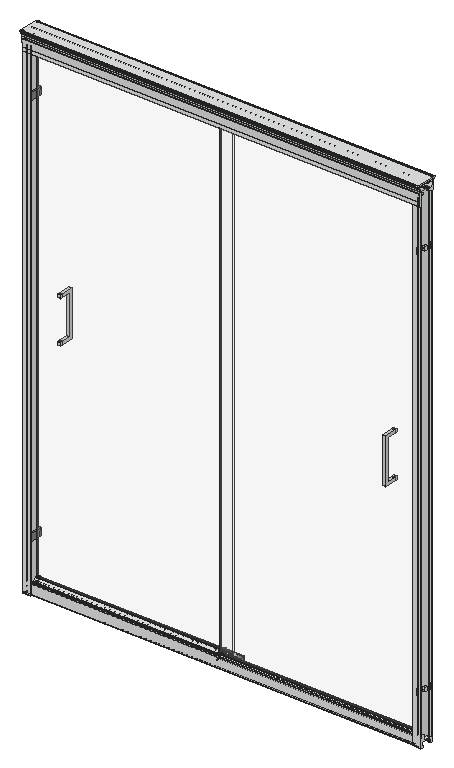
Revit family "Shower-Shower_Door-KOHLER-Fluence-K-702218", category Specialty Equipment, host Face, Revit 2021 (continued)
Definition of nested family "K-702218"
  Lines and regions (in)
    Masking region 1
      outline origin (25.14417, 2.44719, 48) x (0, 1, 0) y (0, 0, 1)
        loop
          arc (-0.25825, 26.35629) -> (-0.25253, 26.34003) -> (-0.23788, 26.33093) r 0.02597
          arc (-0.23788, 26.33093) -> (-0.17693, 26.3094) -> (-0.11258, 26.30322) r 0.26583
          arc (-0.11258, 26.30322) -> (-0.0436, 26.31566) -> (0.02271, 26.33837) r 0.46285
          line (0.02271, 26.33837) -> (0.02271, 26.38055)
          arc (0.02271, 26.38055) -> (0.02892, 26.39554) -> (0.04391, 26.40175) r 0.02119
          line (0.04391, 26.40175) -> (0.19004, 26.40175)
          arc (0.19004, 26.40175) -> (0.20503, 26.40746) -> (0.21241, 26.42169) r 0.02252
          arc (0.21241, 26.42169) -> (0.26778, 26.79179) -> (0.34801, 27.1573) r 5.54
          arc (0.34801, 27.1573) -> (0.43058, 27.38382) -> (0.5564, 27.5895) r 1.211
        loop
          arc (-1.39637, -47.07406) -> (-1.40172, -47.08811) -> (-1.41555, -47.094) r 0.01919
          line (-1.41555, -47.094) -> (-1.4718, -47.094)
          arc (-1.4718, -47.094) -> (-1.48579, -47.0998) -> (-1.49159, -47.1138) r 0.0198
          line (-1.49159, -47.1138) -> (-1.49159, -47.23049) -> (-1.44467, -47.23049)
          arc (-1.44467, -47.23049) -> (-1.46122, -47.2238) -> (-1.46771, -47.20717) r 0.02254
          line (-1.46771, -47.20717) -> (-1.46431, -47.1098) -> (-1.432, -47.1098)
          arc (-1.432, -47.1098) -> (-1.41711, -47.11328) -> (-1.40529, -47.12299) r 0.03363
          arc (-1.40529, -47.12299) -> (-1.38613, -47.14138) -> (-1.36233, -47.15317) r 0.08743
          line (-1.36233, -47.15317) -> (-1.37943, -46.66399) -> (-1.41242, -46.66399) -> (-1.39637, -47.07406)
        loop
          line (-1.52671, -46.36082) -> (-1.6673, -46.34834) -> (-1.68477, -46.37612) -> (-1.52849, -46.39274) -> (-1.52671, -46.36082)
        loop
          line (0.09641, -47.435) -> (0.11641, -47.46964) -> (0.11641, -47.40036) -> (0.09641, -47.435)
        loop
          line (0.16641, -7.37779) -> (0.16641, -13.31479) -> (1.01312, -13.31479) -> (1.01312, -7.37779) -> (0.16641, -7.37779)
        loop
          line (-1.93055, -7.37779) -> (-2.7565, -7.37779) -> (-2.7565, -13.31479) -> (-1.93055, -13.31479) -> (-1.93055, -7.37779)
    Masking region 2
      outline origin (0, 0, 0) x (1, 0, 0) y (0, 0, 1)
        loop
          line (-30.532, -0.00009) -> (24.0743, -0.00009) -> (24.0743, 75.71754) -> (-30.532, 75.71754) -> (-30.532, -0.00009)
    Masking region 3
      outline origin (0, 0, 0) x (1, 0, 0) y (0, 1, 0)
        loop
          line (-30.532, 0) -> (19.36513, 0) -> (19.36513, -0.74731) -> (19.80313, -0.74731) -> (19.80313, 0) -> (24.0743, 0) -> (24.0743, 3.134) -> (-25.84365, 3.134) -> (-25.84365, 3.89831) -> (-26.28165, 3.89831) -> (-26.28165, 3.134) -> (-30.532, 3.134) -> (-30.532, 0)
    symbolic lines, detail levels medium+fine
      curve 1: line (20.1048, 0.56672, 0) -> (20.1048, 0.56672, 74.25)
      curve 2: line (20.1048, 0.5327, 74.25) -> (20.1048, 0.5327, 0)
      curve 3: line (20.1048, 0.5247, 74.25) -> (20.1048, 0.5247, 0)
      curve 4: line (20.1048, 0.57472, 74.25) -> (20.1048, 0.57472, 0)
      curve 5: line (20.1048, 2.48253, 0.71783) -> (20.1048, 1.00253, 0.76951)
      curve 6: line (20.1048, 2.4825, 0.7488) -> (20.1048, 1.14254, 0.79507)
      curve 7: arc (20.1048, 2.56175, 0.64896) -> (20.1048, 2.54518, 0.71718) -> (20.1048, 2.4825, 0.7488) r 0.08372
      curve 8: arc (20.1048, 2.56302, 0.63448) -> (20.1048, 2.53961, 0.69242) -> (20.1048, 2.48253, 0.71783) r 0.0834
      curve 9: line (20.1048, 0.982, 0.86506) -> (20.1048, 1.00716, 0.86506)
      curve 10: arc (20.1048, 1.00716, 0.86506) -> (20.1048, 1.0217, 0.86307) -> (20.1048, 1.03517, 0.85725) r 0.0541
      curve 11: line (20.1048, 1.06777, 1.33601) -> (20.1048, 1.05948, 1.57316)
      curve 12: line (20.1048, 1.03477, 1.33601) -> (20.1048, 1.02666, 1.5433)
      curve 13: line (20.1048, 0.97216, 1.60158) -> (20.1048, 0.9187, 1.60726)
      curve 14: arc (20.1048, 1.02666, 1.5433) -> (20.1048, 1.01026, 1.58259) -> (20.1048, 0.97216, 1.60158) r 0.061
      curve 15: arc (20.1048, 1.14254, 0.79507) -> (20.1048, 1.1043, 0.81047) -> (20.1048, 1.08486, 0.84683) r 0.06038
      curve 16: arc (20.1048, 1.03517, 0.85725) -> (20.1048, 1.05913, 0.84781) -> (20.1048, 1.08486, 0.84683) r 0.07667
      curve 17: line (20.1048, 1.00394, 1.63176) -> (20.1048, 0.92048, 1.63918)
      curve 18: line (20.1048, 0.77989, 1.65166) -> (20.1048, 0.72429, 1.65696)
      curve 19: line (20.1048, 0.76243, 1.62388) -> (20.1048, 0.70715, 1.62969)
      curve 20: arc (20.1048, 1.05948, 1.57316) -> (20.1048, 1.0428, 1.61297) -> (20.1048, 1.00394, 1.63176) r 0.06097
      curve 21: line (20.1048, 0.97031, 1.63475) -> (20.1048, 0.9686, 1.60195)
      curve 22: line (20.1048, 0.97641, 1.63421) -> (20.1048, 0.97641, 1.60097)
      curve 23: line (20.1048, 0.97641, 1.42237) -> (20.1048, 0.97641, 1.54893)
      curve 24: arc (20.1048, 0.98666, 1.41455) -> (20.1048, 0.9796, 1.41593) -> (20.1048, 0.97641, 1.42237) r 0.00811
      curve 25: arc (20.1048, 1.03247, 1.39494) -> (20.1048, 1.04897, 1.39026) -> (20.1048, 1.06596, 1.38782) r 0.12854
      curve 26: line (20.1048, 0.73576, 1.58146) -> (20.1048, 0.69494, 1.5858)
      curve 27: line (20.1048, 0.6746, 1.56751) -> (20.1048, 0.6746, 1.48414)
      curve 28: line (20.1048, 0.6296, 1.50495) -> (20.1048, 0.6296, 1.41568)
      curve 29: arc (20.1048, 0.69494, 1.5858) -> (20.1048, 0.68069, 1.58119) -> (20.1048, 0.6746, 1.56751) r 0.01839
      curve 30: arc (20.1048, 0.59121, 1.44543) -> (20.1048, 0.58974, 1.43659) -> (20.1048, 0.59121, 1.42775) r 0.02721
      curve 31: line (20.1048, 0.95641, 1.38601) -> (20.1048, 0.96597, 1.55698)
      curve 32: line (20.1048, 0.98778, 1.38601) -> (20.1048, 0.95641, 1.38601)
      curve 33: line (20.1048, 0.98115, 1.55537) -> (20.1048, 0.98974, 1.33601)
      curve 34: line (20.1048, 0.91618, 1.56227) -> (20.1048, 0.98115, 1.55537)
      curve 35: arc (20.1048, 0.96597, 1.55698) -> (20.1048, 0.97868, 1.54559) -> (20.1048, 0.98219, 1.52888) r 0.02743
      curve 36: line (20.1048, 1.03282, 1.38601) -> (20.1048, 1.06602, 1.38601)
      curve 37: line (20.1048, 1.06145, 0.78904) -> (20.1048, 1.64435, 0.76868)
      curve 38: arc (20.1048, 1.00382, 0.8065) -> (20.1048, 1.0315, 0.79401) -> (20.1048, 1.06145, 0.78904) r 0.11746
      curve 39: line (20.1048, 1.00382, 0.8065) -> (20.1048, 1.00382, 0.86506)
      curve 40: line (20.1048, 2.6056, 74.25) -> (20.1048, 2.6056, 0)
      curve 41: line (20.1048, 2.5716, 74.25) -> (20.1048, 2.5716, 0)
      curve 42: line (20.1048, 2.5636, 0) -> (20.1048, 2.5636, 0.53036)
      curve 43: line (20.1048, 2.6136, 0.14503) -> (20.1048, 2.6136, 1.60672)
      curve 44: line (20.1048, 2.5636, 0.59964) -> (20.1048, 2.5636, 74.25)
      curve 45: line (20.1048, 2.5496, 74.25) -> (20.1048, 2.5496, 0.71107)
      curve 46: arc (20.1048, 2.5476, 0) -> (20.1048, 2.55891, 0.00469) -> (20.1048, 2.5636, 0.016) r 0.016
      curve 47: line (20.1048, 1.68539, 7.67378) -> (20.1048, 1.46281, 7.67378)
      curve 48: arc (20.1048, 1.46281, 7.67378) -> (20.1048, 1.41862, 7.65548) -> (20.1048, 1.40032, 7.61129) r 0.06249
      curve 49: line (20.1048, 1.40032, 7.61129) -> (20.1048, 1.40032, 7.38871)
      curve 50: arc (20.1048, 1.40032, 7.38871) -> (20.1048, 1.41862, 7.34452) -> (20.1048, 1.46281, 7.32622) r 0.06249
      curve 51: line (20.1048, 1.46281, 7.32622) -> (20.1048, 1.68539, 7.32622)
      curve 52: arc (20.1048, 1.68539, 7.32622) -> (20.1048, 1.72958, 7.34452) -> (20.1048, 1.74788, 7.38871) r 0.06249
      curve 53: line (20.1048, 1.74788, 7.38871) -> (20.1048, 1.74788, 7.61129)
      curve 54: arc (20.1048, 1.74788, 7.61129) -> (20.1048, 1.72958, 7.65548) -> (20.1048, 1.68539, 7.67378) r 0.06249
      curve 55: line (20.1048, 1.69285, 7.74375) -> (20.1048, 1.45535, 7.74375)
      curve 56: arc (20.1048, 1.45535, 7.74375) -> (20.1048, 1.36696, 7.70714) -> (20.1048, 1.33035, 7.61875) r 0.125
      curve 57: line (20.1048, 1.33035, 7.61875) -> (20.1048, 1.33035, 7.38125)
      curve 58: arc (20.1048, 1.33035, 7.38125) -> (20.1048, 1.36696, 7.29286) -> (20.1048, 1.45535, 7.25625) r 0.125
      curve 59: line (20.1048, 1.45535, 7.25625) -> (20.1048, 1.69285, 7.25625)
      curve 60: arc (20.1048, 1.69285, 7.25625) -> (20.1048, 1.78124, 7.29286) -> (20.1048, 1.81785, 7.38125) r 0.125
      curve 61: line (20.1048, 1.81785, 7.38125) -> (20.1048, 1.81785, 7.61875)
      curve 62: arc (20.1048, 1.81785, 7.61875) -> (20.1048, 1.78124, 7.70714) -> (20.1048, 1.69285, 7.74375) r 0.125
      curve 63: line (20.1048, 1.69285, 7.73588) -> (20.1048, 1.45535, 7.73588)
      curve 64: arc (20.1048, 1.45535, 7.73588) -> (20.1048, 1.37253, 7.70157) -> (20.1048, 1.33822, 7.61875) r 0.11713
      curve 65: line (20.1048, 1.33822, 7.61875) -> (20.1048, 1.33822, 7.38125)
      curve 66: arc (20.1048, 1.33822, 7.38125) -> (20.1048, 1.37253, 7.29843) -> (20.1048, 1.45535, 7.26412) r 0.11713
      curve 67: line (20.1048, 1.45535, 7.26412) -> (20.1048, 1.69285, 7.26412)
      curve 68: arc (20.1048, 1.69285, 7.26412) -> (20.1048, 1.77567, 7.29843) -> (20.1048, 1.80997, 7.38125) r 0.11713
      curve 69: line (20.1048, 1.80997, 7.38125) -> (20.1048, 1.80997, 7.61875)
      curve 70: arc (20.1048, 1.80997, 7.61875) -> (20.1048, 1.77567, 7.70157) -> (20.1048, 1.69285, 7.73588) r 0.11713
      curve 71: line (20.1048, 2.68115, 7.3125) -> (20.1048, 2.68115, 7.6875)
      curve 72: arc (20.1048, 2.67509, 7.2568) -> (20.1048, 2.67963, 7.28449) -> (20.1048, 2.68115, 7.3125) r 0.25877
      curve 73: arc (20.1048, 2.67509, 7.2568) -> (20.1048, 2.64285, 7.23237) -> (20.1048, 2.6136, 7.26031) r 0.03119
      curve 74: arc (20.1048, 2.68115, 7.6875) -> (20.1048, 2.67967, 7.71473) -> (20.1048, 2.67525, 7.74164) r 0.25128
      curve 75: arc (20.1048, 2.67525, 7.74164) -> (20.1048, 2.64591, 7.7668) -> (20.1048, 2.6136, 7.74558) r 0.03215
      curve 76: line (20.1048, 2.67043, 7.75282) -> (20.1048, 2.67043, 7.87253)
      curve 77: arc (20.1048, 2.67043, 7.87253) -> (20.1048, 2.66962, 7.89711) -> (20.1048, 2.66721, 7.92159) r 0.3763
      curve 78: arc (20.1048, 2.6136, 7.9674) -> (20.1048, 2.64369, 7.94834) -> (20.1048, 2.66721, 7.92159) r 0.12537
      curve 79: line (20.1048, 2.6136, 7.97377) -> (20.1048, 2.6136, 7.0272)
      curve 80: arc (20.1048, 2.66721, 7.92159) -> (20.1048, 2.63573, 7.93184) -> (20.1048, 2.6136, 7.90723) r 0.03036
      curve 81: arc (20.1048, 2.68115, 7.3125) -> (20.1048, 2.67967, 7.28527) -> (20.1048, 2.67525, 7.25836) r 0.25128
      curve 82: arc (20.1048, 2.67525, 7.25836) -> (20.1048, 2.64591, 7.2332) -> (20.1048, 2.6136, 7.25442) r 0.03215
      curve 83: line (20.1048, 2.67043, 7.24718) -> (20.1048, 2.67043, 7.12747)
      curve 84: arc (20.1048, 2.67043, 7.12747) -> (20.1048, 2.66962, 7.10289) -> (20.1048, 2.66721, 7.07841) r 0.3763
      curve 85: arc (20.1048, 2.6136, 7.0326) -> (20.1048, 2.64369, 7.05166) -> (20.1048, 2.66721, 7.07841) r 0.12537
      curve 86: arc (20.1048, 2.66721, 7.07841) -> (20.1048, 2.63573, 7.06816) -> (20.1048, 2.6136, 7.09277) r 0.03036
      curve 87: line (20.1048, 2.68115, 66.55006) -> (20.1048, 2.68115, 66.92506)
      curve 88: arc (20.1048, 2.67509, 66.49436) -> (20.1048, 2.67963, 66.52205) -> (20.1048, 2.68115, 66.55006) r 0.25877
      curve 89: arc (20.1048, 2.67509, 66.49436) -> (20.1048, 2.64285, 66.46993) -> (20.1048, 2.6136, 66.49787) r 0.03119
      curve 90: arc (20.1048, 2.68115, 66.92506) -> (20.1048, 2.67967, 66.95229) -> (20.1048, 2.67525, 66.9792) r 0.25128
      curve 91: arc (20.1048, 2.67525, 66.9792) -> (20.1048, 2.64591, 67.00436) -> (20.1048, 2.6136, 66.98314) r 0.03215
      curve 92: line (20.1048, 2.67043, 66.99038) -> (20.1048, 2.67043, 67.11009)
      curve 93: arc (20.1048, 2.67043, 67.11009) -> (20.1048, 2.66962, 67.13467) -> (20.1048, 2.66721, 67.15915) r 0.3763
      curve 94: arc (20.1048, 2.6136, 67.20496) -> (20.1048, 2.64369, 67.1859) -> (20.1048, 2.66721, 67.15915) r 0.12537
      curve 95: line (20.1048, 2.6136, 67.20893) -> (20.1048, 2.6136, 66.2642)
      curve 96: arc (20.1048, 2.66721, 67.15915) -> (20.1048, 2.63573, 67.1694) -> (20.1048, 2.6136, 67.14479) r 0.03036
      curve 97: arc (20.1048, 2.68115, 66.55006) -> (20.1048, 2.67967, 66.52283) -> (20.1048, 2.67525, 66.49592) r 0.25128
      curve 98: arc (20.1048, 2.67525, 66.49592) -> (20.1048, 2.64591, 66.47076) -> (20.1048, 2.6136, 66.49198) r 0.03215
      curve 99: line (20.1048, 2.67043, 66.48474) -> (20.1048, 2.67043, 66.36504)
      curve 100: arc (20.1048, 2.67043, 66.36504) -> (20.1048, 2.66962, 66.34045) -> (20.1048, 2.66721, 66.31597) r 0.3763
      curve 101: arc (20.1048, 2.6136, 66.27017) -> (20.1048, 2.64369, 66.28922) -> (20.1048, 2.66721, 66.31597) r 0.12537
      curve 102: arc (20.1048, 2.66721, 66.31597) -> (20.1048, 2.63573, 66.30572) -> (20.1048, 2.6136, 66.33033) r 0.03036
      curve 103: line (20.1048, 1.68539, 66.91091) -> (20.1048, 1.46281, 66.91091)
      curve 104: arc (20.1048, 1.46281, 66.91091) -> (20.1048, 1.41862, 66.89261) -> (20.1048, 1.40032, 66.84843) r 0.06249
      curve 105: line (20.1048, 1.40032, 66.84843) -> (20.1048, 1.40032, 66.62584)
      curve 106: arc (20.1048, 1.40032, 66.62584) -> (20.1048, 1.41862, 66.58166) -> (20.1048, 1.46281, 66.56336) r 0.06249
      curve 107: line (20.1048, 1.46281, 66.56336) -> (20.1048, 1.68539, 66.56336)
      curve 108: arc (20.1048, 1.68539, 66.56336) -> (20.1048, 1.72958, 66.58166) -> (20.1048, 1.74788, 66.62584) r 0.06249
      curve 109: line (20.1048, 1.74788, 66.62584) -> (20.1048, 1.74788, 66.84843)
      curve 110: arc (20.1048, 1.74788, 66.84843) -> (20.1048, 1.72958, 66.89261) -> (20.1048, 1.68539, 66.91091) r 0.06249
      curve 111: line (20.1048, 1.69285, 66.98088) -> (20.1048, 1.45535, 66.98088)
      curve 112: arc (20.1048, 1.45535, 66.98088) -> (20.1048, 1.36696, 66.94427) -> (20.1048, 1.33035, 66.85588) r 0.125
      curve 113: line (20.1048, 1.33035, 66.85588) -> (20.1048, 1.33035, 66.61838)
      curve 114: arc (20.1048, 1.33035, 66.61838) -> (20.1048, 1.36696, 66.53) -> (20.1048, 1.45535, 66.49338) r 0.125
      curve 115: line (20.1048, 1.45535, 66.49338) -> (20.1048, 1.69285, 66.49338)
      curve 116: arc (20.1048, 1.69285, 66.49338) -> (20.1048, 1.78124, 66.53) -> (20.1048, 1.81785, 66.61838) r 0.125
      curve 117: line (20.1048, 1.81785, 66.61838) -> (20.1048, 1.81785, 66.85588)
      curve 118: arc (20.1048, 1.81785, 66.85588) -> (20.1048, 1.78124, 66.94427) -> (20.1048, 1.69285, 66.98088) r 0.125
      curve 119: line (20.1048, 1.69285, 66.97301) -> (20.1048, 1.45535, 66.97301)
      curve 120: arc (20.1048, 1.45535, 66.97301) -> (20.1048, 1.37253, 66.93871) -> (20.1048, 1.33822, 66.85588) r 0.11713
      curve 121: line (20.1048, 1.33822, 66.85588) -> (20.1048, 1.33822, 66.61838)
      curve 122: arc (20.1048, 1.33822, 66.61838) -> (20.1048, 1.37253, 66.53556) -> (20.1048, 1.45535, 66.50126) r 0.11713
      curve 123: line (20.1048, 1.45535, 66.50126) -> (20.1048, 1.69285, 66.50126)
      curve 124: arc (20.1048, 1.69285, 66.50126) -> (20.1048, 1.77567, 66.53556) -> (20.1048, 1.80997, 66.61838) r 0.11713
      curve 125: line (20.1048, 1.80997, 66.61838) -> (20.1048, 1.80997, 66.85588)
      curve 126: arc (20.1048, 1.80997, 66.85588) -> (20.1048, 1.77567, 66.93871) -> (20.1048, 1.69285, 66.97301) r 0.11713
      curve 127: arc (20.1048, 2.65288, 1.52525) -> (20.1048, 2.64228, 1.55963) -> (20.1048, 2.6136, 1.58135) r 0.05862
      curve 128: arc (20.1048, 1.64435, 0.76868) -> (20.1048, 1.66747, 0.77017) -> (20.1048, 1.68984, 0.77617) r 0.11719
      curve 129: line (20.1048, 1.9853, 0.75678) -> (20.1048, 2.46298, 0.7401)
      curve 130: arc (20.1048, 1.94075, 0.76751) -> (20.1048, 1.96248, 0.75989) -> (20.1048, 1.9853, 0.75678) r 0.11452
      curve 131: arc (20.1048, 2.46298, 0.7401) -> (20.1048, 2.48363, 0.74103) -> (20.1048, 2.50386, 0.74526) r 0.12887
      curve 132: line (-26.06265, 2.6136, 40.62221) -> (-26.06265, 2.6136, 41.06021)
      curve 133: line (-26.06265, 0.51664, 41.06021) -> (-26.06265, 0.51664, 40.62221)
      curve 134: line (-26.06265, 2.6136, 34.24721) -> (-26.06265, 2.6136, 34.68521)
      curve 135: line (-26.06265, 0.51668, 34.24721) -> (-26.06265, 0.51664, 34.68521)
      curve 136: line (-26.06265, 2.6136, 72.72675) -> (-26.06265, 2.6136, 73.36675)
      curve 137: line (-26.06265, 0.51664, 73.36675) -> (-26.06265, 0.51664, 72.72675)
      curve 138: line (-26.06265, 1.15118, 74.83131) -> (-26.06265, 1.15118, 74.5295)
      curve 139: line (-26.06265, 1.1845, 74.83131) -> (-26.06265, 1.1845, 74.5295)
      curve 140: line (-26.06265, 1.07118, 74.82922) -> (-26.06265, 1.07118, 74.53159)
      curve 141: line (-26.06265, 0.93181, 74.86124) -> (-26.06265, 0.93181, 74.49889)
      curve 142: line (-26.06265, 2.20123, 74.86124) -> (-26.06265, 2.20138, 74.49957)
      curve 143: line (-26.06265, 2.06186, 74.82922) -> (-26.06265, 2.06186, 74.53159)
      curve 144: line (-26.06265, 1.98186, 74.83131) -> (-26.06265, 1.98186, 74.5295)
      curve 145: line (-26.06265, 1.94854, 74.83131) -> (-26.06265, 1.94854, 74.52881)
      curve 146: line (-26.28165, 3.134, 0) -> (-25.84365, 3.134, 0)
      curve 147: line (19.36513, 0, 0) -> (19.80313, 0, 0)
      curve 148: line (-30.532, 0, 72.72675) -> (24.0743, 0, 72.72675)
      curve 149: line (-29.32836, 0, 72.72675) -> (-29.32836, 0, 0)
      curve 150: line (-29.32836, 0, 1.85036) -> (22.84939, 0, 1.85036)
      curve 151: line (22.84939, 0, 0) -> (22.84939, 0, 72.72675)
      curve 152: line (-1.3392, 0, 1.85036) -> (-1.3392, 0, 72.72675)
      curve 153: line (-1.37574, 0, 1.85036) -> (-1.37574, 0, 72.72675)
      curve 154: line (22.84939, 0, 1.62938) -> (-29.32836, 0, 1.62938)
      curve 155: line (-1.439, 0, 1.33408) -> (-1.439, 0, 1.85036)
      curve 156: line (-1.439, 0, 1.33408) -> (22.84939, 0, 1.33408)
      curve 157: line (19.36513, 0, 41.06021) -> (19.80313, 0, 41.06021)
      curve 158: line (19.36513, 0, 34.24721) -> (19.36513, 0, 41.06021)
      curve 159: line (19.80313, 0, 34.24721) -> (19.36513, 0, 34.24721)
      curve 160: line (19.80313, 0, 41.06021) -> (19.80313, 0, 34.24721)
      curve 161: line (-26.28165, 0, 40.62221) -> (-25.84218, 0, 40.62221)
      curve 162: line (-25.84218, 0, 40.62221) -> (-25.84218, 0, 41.06021)
      curve 163: line (-25.84218, 0, 41.06021) -> (-26.28165, 0, 41.06021)
      curve 164: line (-26.28165, 0, 41.06021) -> (-26.28165, 0, 40.62221)
      curve 165: line (-25.84218, 0, 34.24721) -> (-25.84218, 0, 34.68521)
      curve 166: line (-25.84218, 0, 34.68521) -> (-26.28165, 0, 34.68521)
      curve 167: line (-26.28165, 0, 34.68521) -> (-26.28165, 0, 34.24721)
      curve 168: line (-26.28165, 0, 34.24721) -> (-25.84218, 0, 34.24721)
      curve 169: line (-26.06265, 2.06186, 74.25) -> (-26.06265, 1.98186, 74.25)
      curve 170: line (-26.06265, 1.15118, 74.25) -> (-26.06265, 1.07118, 74.25)
      curve 171: line (-26.06265, 2.07679, 74.86124) -> (-26.06265, 2.07679, 74.49957)
      curve 172: line (-26.06265, 1.05625, 74.86124) -> (-26.06265, 1.05625, 74.49957)
  Dimensions and locks (in)
    locked: plane 7 to plane 4 at 0.907
    locked: plane 5 to plane 3 "Center (Left/Right)" at 30.532
    "Width": plane 4 to plane 5
    plane 9 to plane 4 = 1.22491"
    locked: Extrusion 14 sketch curve to plane 4 at 0.99017
    locked: plane 10 to plane 4 at 0.4825
    locked: cut or joined group of Extrusion 2, Extrusion 10, Extrusion 11 to cut or joined group of Extrusion 21, Extrusion 22 at 1.22215
    locked: plane 12 to plane 4 at 4.49017
    locked: plane 15 to plane 4 at 3.99017
    Sweep 30 sketch curve to plane 12 to Sweep 30 sketch curve = 0.219" locked, 0.219" locked
    "Walk Thru": plane 17 "wt" to plane 9
    locked: plane 17 "wt" to plane 5 at 30.468
    locked: Extrusion 6 sketch curve to plane 7 at 0.09591
    locked: Extrusion 9 sketch curve to plane 3 "Center (Left/Right)" at 0.06438
    locked: plane 21 to Extrusion 6 sketch curve at 0.06326
    plane 23 to plane 24 = 71.09737"
    plane 25 to plane 16 to level = 6.813", 34.24721"
    aligned and locked: level to plane 2
    aligned and locked: plane 4 to Extrusion 4
    aligned and locked: plane 4 to Extrusion 1
    aligned and locked: plane 4 to Extrusion 10
    aligned and locked: plane 9 to Extrusion 2
    aligned and locked: plane 4 to Extrusion 2
    aligned and locked: Extrusion 11 to plane 5
    aligned and locked: Extrusion 16 to plane 10
    aligned and locked: Extrusion 17 to plane 10
    aligned and locked: plane 4 to Extrusion 21
    aligned and locked: Extrusion 21 to plane 5
    aligned and locked: Extrusion 22 sketch curve to plane 4
    aligned and locked: Extrusion 8 to plane 7
    aligned and locked: Extrusion 8 to plane 21
    aligned and locked: plane 4 to Masking region 2 sketch curve
    aligned and locked: plane 4 to Masking region 3 sketch curve
  Automatic sketch dimensions
    Extrusion 1 sketch curve to level = 0"  (x2)
    Extrusion 1 sketch curve to level = 0.05241"
    level to Extrusion 1 sketch curve = 0.01987"
    Extrusion 1 sketch curve to Extrusion 1 sketch curve = 0.0419"
    Extrusion 1 sketch curve to Extrusion 1 sketch curve = 0.06566"
    Extrusion 1 sketch curve to Extrusion 1 sketch curve = 0.01104"
    Extrusion 1 sketch curve to Extrusion 1 sketch curve = 0.045"  (x2)
    Extrusion 1 sketch curve to Extrusion 1 sketch curve = 0.01427"
    Extrusion 1 sketch curve to Extrusion 1 sketch curve = 0.04235"
    Extrusion 1 sketch curve to Extrusion 1 sketch curve = 0.00627"
    level to Extrusion 1 sketch curve = 0.016"
    Extrusion 1 sketch curve to Extrusion 1 sketch curve = 0.04649"  (x2)
    Extrusion 1 sketch curve to Extrusion 1 sketch curve = 0.02382"
    Extrusion 1 sketch curve to Extrusion 1 sketch curve = 0.01088"
    Extrusion 1 sketch curve to Extrusion 1 sketch curve = 0.01354"
    Extrusion 1 sketch curve to Extrusion 1 sketch curve = 0.00457"
    Extrusion 1 sketch curve to Extrusion 1 sketch curve = 0.0068"
    Extrusion 1 sketch curve to Extrusion 1 sketch curve = 0.00139"
    Extrusion 1 sketch curve to Extrusion 1 sketch curve = 0.0459"
    Extrusion 1 sketch curve to Extrusion 1 sketch curve = 0.00012"
    Extrusion 1 sketch curve to Extrusion 1 sketch curve = 0.02563"
    Extrusion 1 sketch curve to Extrusion 1 sketch curve = 0.0446"
    Extrusion 1 sketch curve to Extrusion 1 sketch curve = 0.01933"
    Extrusion 1 sketch curve to Extrusion 1 sketch curve = 0.0009"
    Extrusion 1 sketch curve to Extrusion 1 sketch curve = 0.04312"
    Extrusion 1 sketch curve to Extrusion 1 sketch curve = 0.00138"
    Extrusion 1 sketch curve to Extrusion 1 sketch curve = 0.13784"
    Extrusion 1 sketch curve to Extrusion 1 sketch curve = 0.00042"
    Extrusion 1 sketch curve to Extrusion 1 sketch curve = 0.00655"
    Extrusion 1 sketch curve to Extrusion 1 sketch curve = 0.00291"
    Extrusion 1 sketch curve to Extrusion 1 sketch curve = 0.0198"
    Extrusion 1 sketch curve to Extrusion 1 sketch curve = 0.02488"
    Extrusion 1 sketch curve to Extrusion 1 sketch curve = 0.02034"
    Extrusion 1 sketch curve to Extrusion 1 sketch curve = 0.0225"  (x2)
    Extrusion 1 sketch curve to Extrusion 1 sketch curve = 0.02"  (x2)
    Extrusion 1 sketch curve to level = 0.11819"
    Extrusion 1 sketch curve to Extrusion 1 sketch curve = 0.07928"
    Extrusion 1 sketch curve to Extrusion 1 sketch curve = 0.04638"
    Extrusion 1 sketch curve to Extrusion 1 sketch curve = 0.06893"
    Extrusion 1 sketch curve to level = 0.03962"
    level to Extrusion 1 sketch curve = 0.01498"
    level to Extrusion 1 sketch curve = 0.02241"
    Extrusion 1 sketch curve to Extrusion 1 sketch curve = 0.04899"
    Extrusion 1 sketch curve to Extrusion 1 sketch curve = 0.01499"
    Extrusion 1 sketch curve to Extrusion 1 sketch curve = 0.09467"
    Extrusion 1 sketch curve to Extrusion 1 sketch curve = 0.42595"
    Extrusion 1 sketch curve to Extrusion 1 sketch curve = 0.00357"
    Extrusion 1 sketch curve to Extrusion 1 sketch curve = 0.03464"  (x2)
    Extrusion 1 sketch curve to Extrusion 1 sketch curve = 0.0309"
    Extrusion 1 sketch curve to Extrusion 1 sketch curve = 0.03496"
    Extrusion 1 sketch curve to Extrusion 1 sketch curve = 0.02056"
    Extrusion 1 sketch curve to Extrusion 1 sketch curve = 0.01731"
    Extrusion 1 sketch curve to Extrusion 1 sketch curve = 0.02589"
    Extrusion 1 sketch curve to Extrusion 1 sketch curve = 0.58451"
    Extrusion 1 sketch curve to Extrusion 1 sketch curve = 0.02114"
    Extrusion 1 sketch curve to Extrusion 1 sketch curve = 0.09455"
    Extrusion 1 sketch curve to Extrusion 1 sketch curve = 0.00645"
    Extrusion 1 sketch curve to Extrusion 1 sketch curve = 0.01935"
    Extrusion 1 sketch curve to Extrusion 1 sketch curve = 0.0698"
    Extrusion 1 sketch curve to Extrusion 1 sketch curve = 0.001"  (x2)
    Extrusion 1 sketch curve to Extrusion 1 sketch curve = 0.5565"
    Extrusion 1 sketch curve to Extrusion 1 sketch curve = 0.00966"
    Extrusion 1 sketch curve to Extrusion 1 sketch curve = 0.011"
    Extrusion 1 sketch curve to Extrusion 1 sketch curve = 0.02769"
    Extrusion 1 sketch curve to Extrusion 1 sketch curve = 0.0121"
    Extrusion 1 sketch curve to Extrusion 1 sketch curve = 0.01124"
    Extrusion 1 sketch curve to Extrusion 1 sketch curve = 0"  (x5)
    Extrusion 1 sketch curve to Extrusion 1 sketch curve = 0.0849"
    Extrusion 1 sketch curve to Extrusion 1 sketch curve = 0.00072"
    Extrusion 2 sketch curve to Extrusion 2 sketch curve = 0.05956"
    Extrusion 2 sketch curve to Extrusion 2 sketch curve = 0.00201"
    Extrusion 2 sketch curve to level = 0.19685"
    level to Extrusion 2 sketch curve = 0.74642"
    level to Extrusion 2 sketch curve = 0.79512"
    Extrusion 2 sketch curve to Extrusion 2 sketch curve = 0.05626"
    Extrusion 2 sketch curve to Extrusion 2 sketch curve = 0.72091"
    Extrusion 2 sketch curve to Extrusion 2 sketch curve = 0.00208"
    Extrusion 2 sketch curve to Extrusion 2 sketch curve = 0.0373"
    Extrusion 3 sketch curve to plane 5 = 0"  (x2)
    plane 5 to Extrusion 3 sketch curve = 0.41613"
    plane 5 to Extrusion 3 sketch curve = 0.46097"
    plane 5 to Extrusion 3 sketch curve = 0.46214"
    Extrusion 3 sketch curve to Extrusion 3 sketch curve = 0.02103"  (x2)
    Extrusion 3 sketch curve to Extrusion 3 sketch curve = 0.02786"  (x2)
    plane 5 to Extrusion 3 sketch curve = 0.50787"
    plane 5 to Extrusion 3 sketch curve = 0.51877"
    Extrusion 3 sketch curve to Extrusion 3 sketch curve = 0.05"
    Extrusion 3 sketch curve to Extrusion 3 sketch curve = 0.02094"
    Extrusion 3 sketch curve to Extrusion 3 sketch curve = 0.62561"
    Extrusion 3 sketch curve to Extrusion 3 sketch curve = 1.71819"
    Extrusion 3 sketch curve to Extrusion 3 sketch curve = 3.79"
    Extrusion 3 sketch curve to Extrusion 3 sketch curve = 0.04958"
    Extrusion 3 sketch curve to Extrusion 3 sketch curve = 0.02083"
    Extrusion 3 sketch curve to Extrusion 3 sketch curve = 0"  (x2)
    Extrusion 4 sketch curve to plane 1 "Center (Front/Back)" = 0"
    Extrusion 4 sketch curve to plane 8 = 0"
    plane 1 "Center (Front/Back)" to Extrusion 4 sketch curve = 0.34894"
    Extrusion 4 sketch curve to Extrusion 4 sketch curve = 0.33968"  (x2)
    Extrusion 4 sketch curve to Extrusion 4 sketch curve = 0.01329"  (x2)
    Extrusion 4 sketch curve to Extrusion 4 sketch curve = 0.14738"  (x2)
    Extrusion 4 sketch curve to Extrusion 4 sketch curve = 2.40131"  (x2)
    Extrusion 4 sketch curve to Extrusion 4 sketch curve = 4.37284"  (x2)
    Extrusion 4 sketch curve to Extrusion 4 sketch curve = 0.97437"  (x2)
    Extrusion 4 sketch curve to Extrusion 4 sketch curve = 3.05332"  (x2)
    Extrusion 4 sketch curve to plane 1 "Center (Front/Back)" = 0.03519"
    Extrusion 4 sketch curve to Extrusion 4 sketch curve = 0.00993"  (x2)
    Extrusion 4 sketch curve to Extrusion 4 sketch curve = 0.09663"
    Extrusion 4 sketch curve to Extrusion 4 sketch curve = 0.05224"  (x2)
    Extrusion 4 sketch curve to plane 1 "Center (Front/Back)" = 0.454"
    Extrusion 4 sketch curve to Extrusion 4 sketch curve = 0.00942"  (x2)
    Extrusion 4 sketch curve to Extrusion 4 sketch curve = 0.065"  (x2)
    Extrusion 4 sketch curve to Extrusion 4 sketch curve = 0.07698"  (x2)
    Extrusion 4 sketch curve to Extrusion 4 sketch curve = 0.06255"
    Extrusion 4 sketch curve to Extrusion 4 sketch curve = 0.02119"  (x2)
    Extrusion 4 sketch curve to Extrusion 4 sketch curve = 0"  (x25)
    Extrusion 4 sketch curve to Extrusion 4 sketch curve = 0.00571"  (x2)
    Extrusion 4 sketch curve to Extrusion 4 sketch curve = 0.02304"
    Extrusion 4 sketch curve to Extrusion 4 sketch curve = 0.05"  (x2)
    Extrusion 4 sketch curve to Extrusion 4 sketch curve = 0.01519"
    Extrusion 4 sketch curve to Extrusion 4 sketch curve = 0.04252"
    Extrusion 4 sketch curve to Extrusion 4 sketch curve = 0.01371"  (x2)
    Extrusion 4 sketch curve to Extrusion 4 sketch curve = 0.02597"  (x2)
    Extrusion 4 sketch curve to Extrusion 4 sketch curve = 0.1432"
    Extrusion 4 sketch curve to Extrusion 4 sketch curve = 0.1368"  (x2)
    Extrusion 4 sketch curve to Extrusion 4 sketch curve = 0.08374"
    plane 8 to Extrusion 4 sketch curve = 0.194"
    Extrusion 4 sketch curve to Extrusion 4 sketch curve = 0.04512"
    Extrusion 4 sketch curve to plane 8 = 0.34894"
    level to Extrusion 4 sketch curve = 72.72675"
    Extrusion 4 sketch curve to Extrusion 4 sketch curve = 0.64"  (x2)
    Extrusion 4 sketch curve to Extrusion 4 sketch curve = 0.42077"  (x2)
    Extrusion 4 sketch curve to Extrusion 4 sketch curve = 0.41247"  (x2)
    Extrusion 4 sketch curve to Extrusion 4 sketch curve = 0.28153"  (x2)
    Extrusion 4 sketch curve to Extrusion 4 sketch curve = 0.0276"  (x2)
    Extrusion 4 sketch curve to Extrusion 4 sketch curve = 0.04811"  (x2)
    Extrusion 4 sketch curve to Extrusion 4 sketch curve = 0.00162"  (x2)
    Extrusion 4 sketch curve to Extrusion 4 sketch curve = 0.01792"  (x2)
    Extrusion 4 sketch curve to Extrusion 4 sketch curve = 0.00093"  (x2)
    Extrusion 4 sketch curve to Extrusion 4 sketch curve = 0.04218"  (x2)
    Extrusion 4 sketch curve to Extrusion 4 sketch curve = 0.02252"  (x2)
    Extrusion 4 sketch curve to Extrusion 4 sketch curve = 0.07005"  (x2)
    Extrusion 4 sketch curve to Extrusion 4 sketch curve = 0.25128"  (x2)
    Extrusion 4 sketch curve to Extrusion 4 sketch curve = 0.07354"  (x2)
    Extrusion 4 sketch curve to Extrusion 4 sketch curve = 0.00022"  (x2)
    Extrusion 4 sketch curve to Extrusion 4 sketch curve = 0.28224"  (x2)
    Extrusion 4 sketch curve to Extrusion 4 sketch curve = 0.40661"  (x2)
    Extrusion 4 sketch curve to Extrusion 4 sketch curve = 0.05388"  (x2)
    Extrusion 4 sketch curve to Extrusion 4 sketch curve = 0.16913"  (x2)
    Extrusion 4 sketch curve to Extrusion 4 sketch curve = 0.08023"  (x2)
    Extrusion 4 sketch curve to Extrusion 4 sketch curve = 0.26103"  (x2)
    Extrusion 4 sketch curve to Extrusion 4 sketch curve = 0.26332"  (x2)
    Extrusion 4 sketch curve to Extrusion 4 sketch curve = 0.06527"  (x2)
    Extrusion 4 sketch curve to Extrusion 4 sketch curve = 0.05973"  (x2)
    Extrusion 4 sketch curve to Extrusion 4 sketch curve = 0.01057"
    Extrusion 4 sketch curve to Extrusion 4 sketch curve = 0.01257"
    Extrusion 4 sketch curve to Extrusion 4 sketch curve = 0.34386"  (x2)
    Extrusion 4 sketch curve to Extrusion 4 sketch curve = 0.016"
    Extrusion 4 sketch curve to Extrusion 4 sketch curve = 0.21197"
    Extrusion 4 sketch curve to Extrusion 4 sketch curve = 0.04196"  (x2)
    Extrusion 4 sketch curve to Extrusion 4 sketch curve = 0.02453"  (x2)
    Extrusion 4 sketch curve to Extrusion 4 sketch curve = 0.07"
    Extrusion 4 sketch curve to Extrusion 4 sketch curve = 0.03154"  (x2)
    Extrusion 4 sketch curve to Extrusion 4 sketch curve = 0.36985"  (x2)
    Extrusion 4 sketch curve to Extrusion 4 sketch curve = 4.30781"  (x2)
    Extrusion 4 sketch curve to Extrusion 4 sketch curve = 0.04458"
    Extrusion 4 sketch curve to Extrusion 4 sketch curve = 0.00254"
    Extrusion 4 sketch curve to Extrusion 4 sketch curve = 0.01191"
    Extrusion 7 sketch curve to plane 6 = 0.0385"
    Extrusion 7 sketch curve to plane 6 = 0.01733"
    plane 6 to Extrusion 7 sketch curve = 0.00384"
    Extrusion 7 sketch curve to Extrusion 7 sketch curve = 0.03244"
    Extrusion 7 sketch curve to Extrusion 7 sketch curve = 0.01099"
    Extrusion 7 sketch curve to Extrusion 7 sketch curve = 0.00583"
    Extrusion 7 sketch curve to Extrusion 7 sketch curve = 0.01296"
    Extrusion 7 sketch curve to Extrusion 7 sketch curve = 0.00642"
    Extrusion 7 sketch curve to Extrusion 7 sketch curve = 0.00167"
    Extrusion 7 sketch curve to Extrusion 7 sketch curve = 0.00056"
    Extrusion 7 sketch curve to Extrusion 7 sketch curve = 0.00619"
    Extrusion 7 sketch curve to Extrusion 7 sketch curve = 0.01551"
    Extrusion 7 sketch curve to Extrusion 7 sketch curve = 0.05069"
    Extrusion 7 sketch curve to Extrusion 7 sketch curve = 0.01315"
    Extrusion 7 sketch curve to Extrusion 7 sketch curve = 0.04899"
    Extrusion 7 sketch curve to Extrusion 7 sketch curve = 0.27157"
    Extrusion 7 sketch curve to Extrusion 7 sketch curve = 0.02117"  (x2)
    level to Extrusion 7 sketch curve = 1.25921"
    Extrusion 7 sketch curve to Extrusion 7 sketch curve = 0.05"
    Extrusion 7 sketch curve to Extrusion 7 sketch curve = 0.00636"
    Extrusion 7 sketch curve to Extrusion 7 sketch curve = 0.00717"
    Extrusion 7 sketch curve to Extrusion 7 sketch curve = 0.01295"
    Extrusion 7 sketch curve to Extrusion 7 sketch curve = 0.01247"
    Extrusion 7 sketch curve to Extrusion 7 sketch curve = 0.02609"
    Extrusion 7 sketch curve to Extrusion 7 sketch curve = 0.0262"
    Extrusion 7 sketch curve to Extrusion 7 sketch curve = 0.0133"  (x2)
    Extrusion 7 sketch curve to Extrusion 7 sketch curve = 0.16294"
    Extrusion 7 sketch curve to Extrusion 7 sketch curve = 0.16259"
    Extrusion 7 sketch curve to Extrusion 7 sketch curve = 0.01994"
    Extrusion 7 sketch curve to Extrusion 7 sketch curve = 0.01998"  (x2)
    Extrusion 7 sketch curve to Extrusion 7 sketch curve = 0.06989"  (x4)
    Extrusion 7 sketch curve to Extrusion 7 sketch curve = 0.01997"  (x2)
    Extrusion 7 sketch curve to Extrusion 7 sketch curve = 0.01995"
    Extrusion 7 sketch curve to Extrusion 7 sketch curve = 0.00942"
    Extrusion 7 sketch curve to Extrusion 7 sketch curve = 0.00087"
    Extrusion 7 sketch curve to Extrusion 7 sketch curve = 0.01928"
    Extrusion 7 sketch curve to Extrusion 7 sketch curve = 0.00072"
    Extrusion 7 sketch curve to Extrusion 7 sketch curve = 0.03504"
    Extrusion 7 sketch curve to Extrusion 7 sketch curve = 0.0363"
    Extrusion 7 sketch curve to Extrusion 7 sketch curve = 0.01829"
    Extrusion 7 sketch curve to Extrusion 7 sketch curve = 0.02925"
    Extrusion 8 sketch curve to Extrusion 8 sketch curve = 0.02117"  (x4)
    Extrusion 8 sketch curve to Extrusion 8 sketch curve = 0.01099"
    Extrusion 8 sketch curve to Extrusion 8 sketch curve = 0.00583"
    Extrusion 8 sketch curve to Extrusion 8 sketch curve = 0.01296"
    Extrusion 8 sketch curve to Extrusion 8 sketch curve = 0.00104"
    Extrusion 8 sketch curve to Extrusion 8 sketch curve = 0.0012"
    Extrusion 8 sketch curve to Extrusion 8 sketch curve = 0.01318"
    Extrusion 8 sketch curve to Extrusion 8 sketch curve = 0.00101"
    Extrusion 8 sketch curve to Extrusion 8 sketch curve = 0.00123"
    Extrusion 8 sketch curve to Extrusion 8 sketch curve = 0.00141"
    Extrusion 8 sketch curve to Extrusion 8 sketch curve = 0.00111"
    Extrusion 8 sketch curve to Extrusion 8 sketch curve = 0.00112"
    Extrusion 8 sketch curve to Extrusion 8 sketch curve = 0.00134"
    Extrusion 8 sketch curve to Extrusion 8 sketch curve = 0.00089"
    Extrusion 8 sketch curve to Extrusion 8 sketch curve = 0.00558"
    Extrusion 8 sketch curve to Extrusion 8 sketch curve = 0.04955"
    Extrusion 8 sketch curve to Extrusion 8 sketch curve = 0.00619"
    Extrusion 8 sketch curve to Extrusion 8 sketch curve = 0.01551"
    Extrusion 8 sketch curve to Extrusion 8 sketch curve = 0.05069"
    Extrusion 8 sketch curve to Extrusion 8 sketch curve = 0.01315"
    Extrusion 8 sketch curve to Extrusion 8 sketch curve = 0.04899"
    plane 6 to Extrusion 8 sketch curve = 0.00525"
    level to Extrusion 8 sketch curve = 1.25921"
    Extrusion 8 sketch curve to Extrusion 8 sketch curve = 0.05"
    Extrusion 8 sketch curve to Extrusion 8 sketch curve = 0.00636"
    Extrusion 8 sketch curve to Extrusion 8 sketch curve = 0.00717"
    Extrusion 8 sketch curve to Extrusion 8 sketch curve = 0.01295"
    Extrusion 8 sketch curve to Extrusion 8 sketch curve = 0.01247"
    Extrusion 8 sketch curve to Extrusion 8 sketch curve = 0.02609"
    Extrusion 8 sketch curve to Extrusion 8 sketch curve = 0.0262"
    Extrusion 8 sketch curve to Extrusion 8 sketch curve = 0.0133"  (x2)
    Extrusion 8 sketch curve to Extrusion 8 sketch curve = 0.16294"
    Extrusion 8 sketch curve to Extrusion 8 sketch curve = 0.16259"
    Extrusion 8 sketch curve to Extrusion 8 sketch curve = 0.01994"
    Extrusion 8 sketch curve to Extrusion 8 sketch curve = 0.01998"  (x2)
    Extrusion 8 sketch curve to Extrusion 8 sketch curve = 0.06989"  (x4)
    Extrusion 8 sketch curve to Extrusion 8 sketch curve = 0.01997"  (x2)
    Extrusion 8 sketch curve to Extrusion 8 sketch curve = 0.01995"
    Extrusion 8 sketch curve to Extrusion 8 sketch curve = 0.00942"
    Extrusion 8 sketch curve to Extrusion 8 sketch curve = 0.00087"
    Extrusion 8 sketch curve to Extrusion 8 sketch curve = 0.01928"
    Extrusion 8 sketch curve to Extrusion 8 sketch curve = 0.00072"
    Extrusion 8 sketch curve to Extrusion 8 sketch curve = 0.03504"
    Extrusion 8 sketch curve to Extrusion 8 sketch curve = 0.0363"
    Extrusion 8 sketch curve to Extrusion 8 sketch curve = 0.01829"
    Extrusion 8 sketch curve to Extrusion 8 sketch curve = 0.02925"
    plane 5 to Extrusion 9 sketch curve = 0.9695"
    Extrusion 9 sketch curve to Extrusion 9 sketch curve = 0.03622"
    Extrusion 9 sketch curve to Extrusion 9 sketch curve = 0.03652"
    Extrusion 9 sketch curve to plane 3 "Center (Left/Right)" = 0.10132"  (x2)
    Extrusion 11 sketch curve to Extrusion 11 sketch curve = 0.05956"
    Extrusion 11 sketch curve to Extrusion 11 sketch curve = 0.00201"
    Extrusion 11 sketch curve to level = 0.19685"
    level to Extrusion 11 sketch curve = 0.74685"
    level to Extrusion 11 sketch curve = 0.79512"
    Extrusion 11 sketch curve to Extrusion 11 sketch curve = 0.05626"
    Extrusion 11 sketch curve to Extrusion 11 sketch curve = 0.72091"
    Extrusion 11 sketch curve to Extrusion 11 sketch curve = 0.00208"
    Extrusion 11 sketch curve to Extrusion 11 sketch curve = 0.03712"
    plane 5 to Extrusion 12 sketch curve = 0.08051"
    Extrusion 12 sketch curve to Extrusion 12 sketch curve = 0.00694"
    Extrusion 12 sketch curve to Extrusion 12 sketch curve = 0.45423"
    plane 5 to Extrusion 12 sketch curve = 0.595"
    Extrusion 12 sketch curve to Extrusion 12 sketch curve = 0.12318"
    Extrusion 12 sketch curve to Extrusion 12 sketch curve = 0.12057"
    Extrusion 12 sketch curve to Extrusion 12 sketch curve = 0.3745"
    Extrusion 12 sketch curve to Extrusion 12 sketch curve = 0.00758"
    Extrusion 12 sketch curve to Extrusion 12 sketch curve = 0.03476"
    plane 5 to Extrusion 13 sketch curve = 0.08051"
    Extrusion 13 sketch curve to Extrusion 13 sketch curve = 0.00694"
    Extrusion 13 sketch curve to Extrusion 13 sketch curve = 0.45423"
    plane 5 to Extrusion 13 sketch curve = 0.595"
    Extrusion 13 sketch curve to Extrusion 13 sketch curve = 0.12318"
    Extrusion 13 sketch curve to Extrusion 13 sketch curve = 0.12057"
    Extrusion 13 sketch curve to Extrusion 13 sketch curve = 0.3745"
    Extrusion 13 sketch curve to Extrusion 13 sketch curve = 0.00758"
    Extrusion 13 sketch curve to Extrusion 13 sketch curve = 0.03476"
    Extrusion 14 sketch curve to plane 7 = 0.17076"
    Extrusion 14 sketch curve to plane 10 = 0.20302"
    Extrusion 14 sketch curve to Extrusion 14 sketch curve = 0.12057"
    Extrusion 14 sketch curve to Extrusion 14 sketch curve = 0.05332"
    Extrusion 14 sketch curve to plane 4 = 0.10812"
    Extrusion 14 sketch curve to Extrusion 14 sketch curve = 0.00694"
    plane 8 to Extrusion 14 sketch curve = 0.33109"
    plane 8 to Extrusion 14 sketch curve = 0.45018"
    Extrusion 14 sketch curve to Extrusion 14 sketch curve = 0.03406"
    plane 7 to Extrusion 15 sketch curve = 0.08317"
    Extrusion 15 sketch curve to plane 10 = 0.13317"
    Extrusion 15 sketch curve to plane 10 = 0.07985"
    Extrusion 15 sketch curve to Extrusion 15 sketch curve = 0.00758"
    Extrusion 15 sketch curve to Extrusion 15 sketch curve = 0.03476"
    Extrusion 15 sketch curve to plane 4 = 0.10118"
    Extrusion 15 sketch curve to Extrusion 15 sketch curve = 0.03406"
    Extrusion 15 sketch curve to plane 10 = 0.20302"
    Extrusion 15 sketch curve to Extrusion 15 sketch curve = 0.18791"
    Extrusion 16 sketch curve to plane 6 = 0.11031"  (x2)
    plane 6 to Extrusion 16 sketch curve = 0.1283"
    plane 6 to Extrusion 16 sketch curve = 0.12832"
    level to Extrusion 16 sketch curve = 66.48532"
    Extrusion 16 sketch curve to Extrusion 16 sketch curve = 0.23849"
    Extrusion 17 sketch curve to plane 6 = 0.11031"  (x2)
    plane 6 to Extrusion 17 sketch curve = 0.1283"
    plane 6 to Extrusion 17 sketch curve = 0.12832"
    level to Extrusion 17 sketch curve = 7.25752"
    Extrusion 17 sketch curve to Extrusion 17 sketch curve = 0.23849"
    Extrusion 18 sketch curve to plane 6 = 0.11031"  (x2)
    plane 6 to Extrusion 18 sketch curve = 0.1283"
    plane 6 to Extrusion 18 sketch curve = 0.12832"
    level to Extrusion 18 sketch curve = 66.48532"
    Extrusion 18 sketch curve to Extrusion 18 sketch curve = 0.23849"
    Extrusion 19 sketch curve to plane 6 = 0.11031"  (x2)
    plane 6 to Extrusion 19 sketch curve = 0.1283"
    plane 6 to Extrusion 19 sketch curve = 0.12832"
    level to Extrusion 19 sketch curve = 7.25752"
    Extrusion 19 sketch curve to Extrusion 19 sketch curve = 0.23849"
    Extrusion 20 sketch curve to Extrusion 20 sketch curve = 0.00072"
    Extrusion 20 sketch curve to Extrusion 20 sketch curve = 0.09112"
    Extrusion 20 sketch curve to Extrusion 20 sketch curve = 0.00176"
    plane 6 to Extrusion 20 sketch curve = 0.04934"
    plane 6 to Extrusion 20 sketch curve = 0.05173"
    Extrusion 20 sketch curve to Extrusion 20 sketch curve = 0.0684"
    plane 6 to Extrusion 20 sketch curve = 0.1433"
    Extrusion 20 sketch curve to Extrusion 20 sketch curve = 0.05416"
    Extrusion 20 sketch curve to Extrusion 20 sketch curve = 0.0665"  (x2)
    Extrusion 20 sketch curve to Extrusion 20 sketch curve = 0.0689"
    Extrusion 20 sketch curve to Extrusion 20 sketch curve = 0.00222"
    Extrusion 20 sketch curve to Extrusion 20 sketch curve = 0.04242"
    Extrusion 20 sketch curve to Extrusion 20 sketch curve = 0.0029"
    Extrusion 20 sketch curve to Extrusion 20 sketch curve = 0.06345"
    Extrusion 20 sketch curve to Extrusion 20 sketch curve = 0.08311"
    level to Extrusion 20 sketch curve = 0.16565"
    Extrusion 20 sketch curve to Extrusion 20 sketch curve = 0.02081"
    Extrusion 20 sketch curve to Extrusion 20 sketch curve = 1/16"
    Extrusion 20 sketch curve to Extrusion 20 sketch curve = 0.0644"
    Extrusion 20 sketch curve to Extrusion 20 sketch curve = 0.02063"
    Extrusion 20 sketch curve to Extrusion 20 sketch curve = 0.46909"
    Extrusion 20 sketch curve to Extrusion 20 sketch curve = 0.00073"
    level to Extrusion 20 sketch curve = 0.76962"
    Extrusion 20 sketch curve to Extrusion 20 sketch curve = 0.02071"  (x2)
    Extrusion 20 sketch curve to Extrusion 20 sketch curve = 0.08163"
    Extrusion 20 sketch curve to Extrusion 20 sketch curve = 0.01463"
    Extrusion 20 sketch curve to Extrusion 20 sketch curve = 0.03407"
    Extrusion 20 sketch curve to Extrusion 20 sketch curve = 0.01413"
    Extrusion 20 sketch curve to Extrusion 20 sketch curve = 0.02214"
    Extrusion 20 sketch curve to Extrusion 20 sketch curve = 0.06123"
    Extrusion 20 sketch curve to Extrusion 20 sketch curve = 0.06579"
    Extrusion 20 sketch curve to Extrusion 20 sketch curve = 0.06601"
    Extrusion 20 sketch curve to Extrusion 20 sketch curve = 0.05027"
    Extrusion 20 sketch curve to Extrusion 20 sketch curve = 0.68789"
    Extrusion 20 sketch curve to Extrusion 20 sketch curve = 0.00107"
    Extrusion 20 sketch curve to Extrusion 20 sketch curve = 0.00203"
    Extrusion 20 sketch curve to Extrusion 20 sketch curve = 0.05419"
    curve 56 to curve 64 = 0"  (x2)
    curve 58 to curve 66 = 0"  (x2)
    curve 60 to curve 68 = 0"  (x2)
    curve 62 to curve 70 = 0"
    curve 112 to curve 120 = 0"  (x2)
    curve 114 to curve 122 = 0"  (x2)
    curve 116 to curve 124 = 0"  (x2)
    curve 118 to curve 126 = 0"
    curve 3 to level = 0"
    curve 2 to level = 0"
    curve 1 to level = 0"
    curve 4 to level = 0"
    curve 46 to level = 0"
    curve 42 to level = 0"
    curve 41 to level = 0"
    curve 40 to level = 0"
    curve 30 to curve 27 = 0.05765"
    curve 27 to curve 29 = 0.01839"
    curve 29 to curve 26 = 0.00194"
    curve 39 to curve 9 = 0.00335"
    curve 20 to curve 12 = 0.02811"
    curve 14 to curve 11 = 0.03282"
    curve 10 to curve 37 = 0.05429"
    curve 9 to curve 38 = 0.05839"
    curve 38 to curve 16 = 0.00931"
    curve 12 to curve 25 = 0.04904"
    curve 15 to curve 15 = 0.00208"
    curve 57 to curve 65 = 0.00787"
    curve 112 to curve 121 = 0.00787"
    curve 122 to curve 105 = 0.0621"
    curve 65 to curve 49 = 0.0621"
    curve 119 to plane 6 = 0.11117"
    curve 123 to plane 6 = 0.11117"
    curve 67 to plane 6 = 0.11117"
    curve 48 to curve 64 = 0.05503"
    curve 58 to curve 50 = 0.00746"  (x2)
    curve 112 to curve 103 = 0.00746"
    curve 114 to curve 106 = 0.00746"
    curve 56 to curve 48 = 0.00746"
    curve 56 to curve 47 = 0.00746"
    curve 58 to curve 51 = 0.00746"
    plane 6 to curve 37 = 0.07783"
    plane 6 to curve 128 = 0.08192"
    plane 6 to curve 47 = 0.11887"
    plane 6 to curve 51 = 0.11887"
    plane 6 to curve 107 = 0.11887"
    curve 52 to curve 52 = 0"
    plane 6 to curve 110 = 0.11887"
    curve 54 to curve 54 = 0"
    curve 52 to curve 68 = 0.00746"
    curve 110 to curve 119 = 0.00746"
    curve 107 to curve 123 = 0.00746"
    curve 47 to curve 63 = 0.00746"
    curve 116 to curve 109 = 0.05503"
    curve 62 to curve 53 = 0.05503"
    curve 109 to curve 125 = 0.0621"
    curve 52 to curve 69 = 0.0621"
    curve 100 to curve 88 = 0.12826"
    curve 84 to curve 72 = 0.12826"
    curve 77 to curve 74 = 0.13575"
    curve 93 to curve 90 = 0.13575"
    curve 88 to curve 97 = 0.00749"
    curve 72 to curve 81 = 0.00749"
    curve 129 to curve 131 = 0.0045"
    curve 129 to curve 7 = 0.01663"
    curve 7 to curve 8 = 0"
    curve 129 to curve 6 = 5/256"
    curve 129 to curve 5 = 5/256"
    level to curve 46 = 0.016"
    curve 81 to curve 85 = 0.13239"
    curve 90 to curve 94 = 0.13239"
    curve 74 to curve 78 = 0.13239"
    curve 97 to curve 101 = 0.13239"
    curve 85 to curve 86 = 0.08134"
    curve 101 to curve 102 = 0.08134"
    curve 94 to curve 96 = 0.08134"
    curve 78 to curve 80 = 0.08134"
    curve 94 to curve 91 = 0.0816"
    curve 85 to curve 82 = 0.0816"
    curve 78 to curve 75 = 0.0816"
    curve 101 to curve 98 = 0.0816"
    curve 82 to curve 73 = 0.00077"
    curve 98 to curve 89 = 0.00077"
    curve 80 to curve 76 = 0.02683"
    curve 102 to curve 99 = 0.02683"
    curve 96 to curve 92 = 0.02683"
    curve 86 to curve 83 = 0.02683"
    curve 91 to curve 87 = 0.0373"
    curve 82 to curve 71 = 0.0373"
    curve 46 to curve 8 = 0.61848"
    curve 8 to curve 7 = 0.03065"
    curve 7 to curve 5 = 0.0527"
    curve 5 to curve 129 = 0.02227"
    curve 129 to curve 6 = 0.0087"
    curve 129 to curve 129 = 0.01668"
    curve 129 to curve 37 = 0.01191"
    curve 37 to curve 37 = 0.02036"
    curve 38 to curve 6 = 0.00603"
    curve 37 to curve 39 = 0.01746"
    curve 38 to curve 10 = 0.00447"
    curve 15 to curve 15 = 0.06034"
    curve 10 to curve 9 = 0.0541"
    curve 7 to curve 131 = 0.12008"
    curve 129 to curve 130 = 0.11445"
    curve 37 to curve 128 = 0.11712"
    curve 38 to curve 16 = 0.01642"
    curve 16 to curve 32 = 0.46316"
    curve 32 to curve 24 = 0.03637"
    curve 31 to curve 30 = 0.05058"
    curve 24 to curve 25 = 0.09362"
    curve 131 to curve 127 = 0.65713"
    curve 24 to curve 35 = 0.1095"
    curve 35 to curve 14 = 0.00905"
    curve 25 to curve 12 = 0.02731"
    curve 14 to curve 33 = 0.01445"
    curve 33 to curve 31 = 0.00161"
    curve 30 to curve 27 = 0.13092"
    curve 33 to curve 20 = 0.01567"
    curve 14 to curve 11 = 0.02986"
    curve 127 to curve 86 = 5.57147"
    curve 86 to curve 83 = 0.02999"
    curve 86 to curve 85 = 0.0495"
    curve 84 to curve 59 = 0.12878"
    curve 84 to curve 73 = 0.13604"
    curve 73 to curve 82 = 0.00177"
    curve 85 to curve 81 = 0.16552"
    curve 81 to curve 72 = 0"  (x2)
    curve 51 to curve 60 = 0.05503"
    curve 60 to curve 52 = 0.00746"
    curve 49 to curve 49 = 0.22258"
    curve 52 to curve 53 = 0.22258"
    curve 48 to curve 48 = 0"
    curve 48 to curve 57 = 0.00746"
    curve 71 to curve 71 = 3/8"
    curve 74 to curve 75 = 0.04721"
    curve 75 to curve 78 = 0.1183"
    curve 78 to curve 76 = 0.01951"
    curve 76 to curve 80 = 0.02999"
    curve 80 to curve 102 = 58.43254"
    curve 102 to curve 99 = 0.02999"
    curve 102 to curve 101 = 0.0495"
    curve 100 to curve 115 = 0.12835"
    curve 100 to curve 89 = 0.13604"
    curve 89 to curve 98 = 0.00177"
    curve 101 to curve 97 = 0.16552"
    curve 97 to curve 88 = 0"
    curve 107 to curve 114 = 0.05503"
    curve 105 to curve 105 = 0.22259"
    curve 104 to curve 112 = 0.00746"
    curve 97 to curve 90 = 3/8"
    curve 87 to curve 91 = 0.04721"
    curve 91 to curve 94 = 0.1183"
    curve 90 to curve 93 = 0.18503"
    curve 92 to curve 96 = 0.02999"
    curve 30 to curve 30 = 0.02574"
    curve 30 to curve 30 = 0"
    curve 1 to curve 4 = 0.00799"
    curve 2 to curve 1 = 0.03403"
    curve 3 to curve 2 = 0.00799"
    curve 30 to curve 28 = 0.01265"
    curve 26 to curve 19 = 0.01221"
    curve 19 to curve 18 = 0.01714"
    curve 26 to curve 26 = 0.04083"
    curve 26 to curve 19 = 0.02666"
    curve 19 to curve 18 = 0.01746"
    curve 34 to curve 35 = 0.03874"
    curve 34 to curve 13 = 0.00252"
    curve 13 to curve 17 = 0.00178"
    curve 21 to curve 13 = 0.00356"
    curve 32 to curve 25 = 0.04468"
    curve 25 to curve 36 = 0.00035"
    curve 33 to curve 12 = 0.04503"
    curve 16 to curve 10 = 0"
    curve 36 to curve 25 = 0.03314"
    curve 25 to curve 36 = 0.00006"
    curve 12 to curve 11 = 0.03299"
    curve 8 to curve 44 = 0.00058"
    curve 42 to curve 41 = 0.008"
    curve 41 to curve 40 = 0.034"
    curve 101 to curve 102 = 0.03"
    curve 127 to curve 43 = 0.01933"
    curve 80 to curve 80 = 0.03"
    curve 127 to curve 127 = 15/256"
    curve 80 to curve 78 = 0.02362"
    curve 96 to curve 96 = 0.02362"
    curve 102 to curve 100 = 0.02362"
    curve 86 to curve 84 = 0.02362"
    curve 89 to curve 88 = 0"
    curve 73 to curve 72 = 0"
    curve 91 to curve 90 = 0"
    curve 82 to curve 81 = 0"
    curve 75 to curve 74 = 0"
    curve 98 to curve 97 = 0"
    curve 46 to curve 43 = 0.12903"
    curve 42 to curve 8 = 0.10413"
    curve 44 to curve 8 = 0.03484"
    curve 5 to curve 39 = 0.03698"
    curve 28 to curve 30 = 0.02091"
    curve 30 to curve 30 = 0.00884"
    curve 30 to curve 27 = 0.04755"
    curve 27 to curve 28 = 0.02081"
    curve 127 to curve 127 = 0.00076"
    curve 26 to curve 26 = 0.00434"
    curve 13 to curve 21 = 0.00038"
    curve 127 to curve 43 = 0.02536"
    curve 26 to curve 19 = 0.04242"
    curve 26 to curve 19 = 0.04389"
    curve 20 to curve 22 = 0.00244"
    curve 19 to curve 18 = 0.02778"
    curve 19 to curve 18 = 0.02727"
    curve 79 to curve 85 = 0.0054"
    curve 78 to curve 79 = 0.00638"
    curve 95 to curve 101 = 0.00596"
    curve 97 to curve 87 = 0"
    curve 94 to curve 95 = 0.00397"
    curve 111 to curve 4 = 7.26912"
    curve 2 to curve 4 = 0"
    curve 4 to curve 45 = 0"
    curve 45 to curve 44 = 0"
    curve 44 to curve 41 = 0"
    curve 41 to curve 40 = 0"
    curve 1 to curve 4 = 0"
    curve 3 to curve 2 = 0"
    Extrusion 22 sketch curve to plane 5 = 0"
    Extrusion 22 sketch curve to plane 1 "Center (Front/Back)" = 0.48151"
    Extrusion 22 sketch curve to Extrusion 22 sketch curve = 0.96572"
    plane 7 to Extrusion 22 sketch curve = 0.10017"
    Extrusion 22 sketch curve to plane 1 "Center (Front/Back)" = 0.48111"
    profile plane to Sweep 30 sketch curve = 0.219"
    Sweep 30 sketch curve to profile plane = 0.219"
    profile plane to Sweep 31 sketch curve = 0.219"
    Sweep 31 sketch curve to profile plane = 0.219"
    Sweep 31 sketch curve to plane 3 "Center (Left/Right)" = 26.28165"
    Sweep 31 sketch curve to Sweep 31 sketch curve = 0.438"
    Extrusion 10 sketch curve to plane 10 = 0"
    Extrusion 10 sketch curve to plane 4 = 0"
    Extrusion 10 sketch curve to plane 10 = 0.008"
    Extrusion 10 sketch curve to plane 10 = 0.02587"
    Extrusion 10 sketch curve to plane 10 = 0.03677"
    Extrusion 10 sketch curve to Extrusion 10 sketch curve = 0.042"
    Extrusion 10 sketch curve to Extrusion 10 sketch curve = 0.02094"
    Extrusion 10 sketch curve to plane 9 = 0.0271"
    plane 10 to Extrusion 10 sketch curve = 0.01986"
    plane 10 to Extrusion 10 sketch curve = 0.02103"
    plane 10 to Extrusion 10 sketch curve = 0.06587"
    Extrusion 10 sketch curve to plane 4 = 0.0005"
    Extrusion 10 sketch curve to Extrusion 10 sketch curve = 1.71819"
    Extrusion 10 sketch curve to Extrusion 10 sketch curve = 3.79"
    Extrusion 10 sketch curve to Extrusion 10 sketch curve = 0.04958"
    Extrusion 10 sketch curve to Extrusion 10 sketch curve = 0.02083"
    Extrusion 10 sketch curve to Extrusion 10 sketch curve = 0.02103"
    Extrusion 10 sketch curve to Extrusion 10 sketch curve = 0.02786"
    Extrusion 10 sketch curve to Extrusion 10 sketch curve = 0"  (x2)
    plane 8 to Extrusion 2 sketch curve = 0.5813"
    plane 8 to Extrusion 3 sketch curve = 0.58886"
    Extrusion 4 sketch curve to Extrusion 4 sketch curve = 0.08378"
    Extrusion 4 sketch curve to Extrusion 4 sketch curve = 0.02829"  (x2)
    Extrusion 4 sketch curve to Extrusion 4 sketch curve = 0.09715"  (x2)
    Extrusion 4 sketch curve to Extrusion 4 sketch curve = 0.14983"  (x2)
    Extrusion 4 sketch curve to Extrusion 4 sketch curve = 0.06276"
    Extrusion 7 sketch curve to Extrusion 7 sketch curve = 0.00203"
    Extrusion 7 sketch curve to Extrusion 7 sketch curve = 0.00082"
    Extrusion 7 sketch curve to Extrusion 7 sketch curve = 0.00141"
    Extrusion 7 sketch curve to Extrusion 7 sketch curve = 1/256"  (x4)
    Extrusion 7 sketch curve to Extrusion 7 sketch curve = 0.00111"
    Extrusion 7 sketch curve to Extrusion 7 sketch curve = 0.00112"
    Extrusion 7 sketch curve to Extrusion 7 sketch curve = 0.00134"
    Extrusion 7 sketch curve to Extrusion 7 sketch curve = 0.00089"
